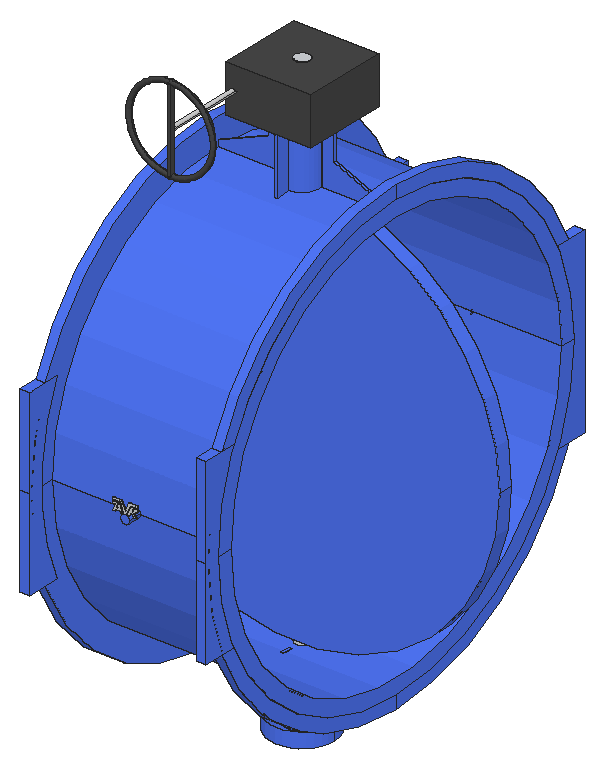
Revit family "756-106-681-DN700-2800", category Pipe Accessories, Revit 2019
Family settings
  Round Connector Dimension = Use Diameter
  Part Type = Valve - Breaks Into
  Work Plane-Based = No
  Always vertical = Yes
  Cut with Voids When Loaded = No
  Shared = No
Parameters (values of type "DN2800_PN10")
  W5 = size_lookup(Search_table, "W5", 0 mm, DN)  # 825 mm
  W4 = size_lookup(Search_table, "W4", 0 mm, DN)  # 2442 mm
  W3 = size_lookup(Search_table, "W3", 0 mm, DN)  # 2441 mm
  W2 = size_lookup(Search_table, "W2", 0 mm, DN)  # 2140 mm
  W1 = size_lookup(Search_table, "W1", 0 mm, DN)  # 1600 mm
  URL_product_pages = "https://www.avkvalves.com/P.aspx?no=7560700104006"
  Rib_width_2 = Gear_box_Mount_Flange_width * 2  # 441 mm
  Rib_width = L - (Flange_Thickness * 2)  # 1130 mm
  Rib_height_2 = H1 - Flange_OD  # 230 mm
  Rib_depth = if(DN > 149 mm, 15 mm, if(DN > 299 mm, 15 mm, if(DN > 399 mm, 20 mm, 20 mm)))  # 15 mm
  Rib_height = Flange_OD / 1.1  # 1445.455 mm
  Rf_Dia = size_lookup(Search_table, "RF_Dia", 0 mm, DN) / 2  # 1500 mm
  RF_Cut_Thickness = 5 mm  # constant formula
  Pin_width = L / 2  # 635 mm
  Pin_dia = HW_rod_Dia * 2  # 60 mm
  Pin_Depth = (DN + size_lookup(Search_table, "Flange_OD", 0 mm, DN)) / 2  # 2990 mm
  Offset = size_lookup(Search_table, "Offset", 0 mm, DN)  # 3 mm
  L2 = size_lookup(Search_table, "L2", 0 mm, DN)  # 739 mm
  L1 = size_lookup(Search_table, "L1", 0 mm, DN)  # 738 mm
  L = size_lookup(Search_table, "L", 0 mm, DN)  # 1270 mm
  ID (Radius) = DN / 2  # 1400 mm
  Hand_wheel_rod = size_lookup(Search_table, "Hand_wheel_rod", 0 mm, DN)  # 72 mm
  HW_rod_Dia = size_lookup(Search_table, "HW_rod_Dia", 0 mm, DN)  # 30 mm
  HW_height = W5 - (HW_rod_Dia / 2)  # 810 mm
  HW_Ref = size_lookup(Search_table, "HW_Ref", 0 mm, DN)  # 240 mm
  HW_Connecting_Rib_ref = (H1 + W2) / 2  # 1980 mm
  HW_Connecting_Rib = D * 2  # 570 mm
  H2 = size_lookup(Search_table, "H2", 0 mm, DN)  # 1921 mm
  H1 = size_lookup(Search_table, "H1", 0 mm, DN)  # 1820 mm
  Gear_box_width = Gear_box_Mount_Flange_width * 1.3  # 286.65 mm
  Flange_Thickness = size_lookup(Search_table, "Flange_Thickness", 0 mm, DN)  # 70 mm
  Flange_OD = size_lookup(Search_table, "Flange_OD", 0 mm, DN) / 2  # 1590 mm
  Disc_width = if(DN > 2499 mm, 100 mm, if(DN > 2299 mm, 90 mm, if(DN > 1999 mm, 80 mm, if(DN > 1599 mm, 70 mm, if(DN > 1399 mm, 60 mm, if(DN > 999 mm, 50 mm, if(DN > 699 mm, 40 mm, 40 mm)))))))  # 100 mm
  Disc_Dia = size_lookup(Search_table, "Disc_Dia", 0 mm, DN)  # 2752.2 mm
  DN2800_PN10 = "756-2800-1-04006"
  DN2800 = yes
  DN2600_PN16 = "756-2600-1-14006"
  DN2600_PN10 = "756-2600-1-04006"
  DN2600 = yes
  DN2400_PN16_DIN = "756-2400-1-14006"
  DN2400_PN10_DIN = "756-2400-1-04006"
  DN2400 = yes
  DN2200_PN16_DIN = "756-2200-1-14006"
  DN2200_PN10_DIN = "756-2200-1-04006"
  DN2200 = yes
  DN2000_PN16 = "756-2000-1-14006"
  DN2000_PN10 = "756-2000-1-04006"
  DN2000 = yes
  DN0700_PN16 = "756-0700-1-14006"
  DN = 2800 mm
  Search_table = "756-106-681-DN700-2800"
  Disk_2 = size_lookup(Search_table, "Disk_2", 0 mm, DN)  # 60 mm
  Disk_1 = size_lookup(Search_table, "Disk_1", 0 mm, DN)  # 60 mm
  Description_ = "AVK_DOUBLE_ECCENTRIC_BUTTERFLY_VALVE"
  DN1600_PN16 = "756-1600-1-14006"
  DN1600_PN10 = "756-1600-1-04006"
  DN1800 = yes
  DN1800_PN16 = "756-1800-1-14006"
  DN1800_PN10 = "756-1800-1-04006"
  DN1600 = yes
  DN1500_PN16 = "756-1500-1-14006"
  DN1500_PN10 = "756-1500-1-04006"
  DN1500 = yes
  DN1400_PN16 = "756-1400-1-14006"
  DN1400_PN10 = "756-1400-1-04006"
  DN1400 = yes
  DN1200_PN16 = "756-1200-1-14006"
  DN1200_PN10 = "756-1200-1-04006"
  DN1200 = yes
  DN1000_PN16 = "756-1000-1-14006"
  DN1000_PN10 = "756-1000-1-04006"
  DN1000 = yes
  DN0900_PN16 = "756-0900-1-14006"
  DN0900_PN10 = "756-0900-1-04006"
  DN900 = yes
  DN0800_PN16 = "756-0800-1-14006"
  DN0800_PN10 = "756-0800-1-04006"
  DN800 = yes
  DN0700_PN10 = "756-0700-1-04006"
  DN700 = yes
  D = size_lookup(Search_table, "D", 0 mm, DN) / 2 - (HW_rod_Dia / 2)  # 285 mm
  CD_rod = if(DN > 2499 mm, 99 mm, if(DN > 2299 mm, 89 mm, if(DN > 1999 mm, 79 mm, if(DN > 1599 mm, 69 mm, if(DN > 1399 mm, 59 mm, if(DN > 999 mm, 49 mm, if(DN > 699 mm, 39 mm, 39 mm)))))))  # 99 mm
  Bottom_width = size_lookup(Search_table, "Bottom_width", 0 mm, DN)  # 1232 mm
  Bottom_Depth = DN * 1.5  # 4200 mm
  Gear_box_Mount_width = size_lookup(Search_table, "Gear_box_Mount_width", 0 mm, DN) * 2  # 134 mm
  Gear_box_Mount_Flange_width = size_lookup(Search_table, "Gear_box_Mount_Flange_width", 0 mm, DN) / 2  # 220.5 mm
  Gear_box_Mount_Flange_thickness = size_lookup(Search_table, "Gear_box_Mount_Flange_thickness", 0 mm, DN)  # 50 mm
  Body_wallthickness = 10 mm  # constant formula
Types (28, lengths in mm): name | W5 | W4 | W3 | W2 | W1 | Rib_width_2 | Rib_width | Rib_height_2 | Rib_height | Rf_Dia | Pin_width | Pin_Depth | L2 | L1 | L | ID (Radius) | Hand_wheel_rod | HW_height | HW_Ref | HW_Connecting_Rib_ref | HW_Connecting_Rib | H2 | H1 | Gear_box_width | Flange_Thickness | Flange_OD | Disc_width | Disc_Dia | DN | Disk_2 | Disk_1 | D | CD_rod | Bottom_width | Bottom_Depth | Gear_box_Mount_width | Gear_box_Mount_Flange_width | Gear_box_Mount_Flange_thickness
  (no name) | 825 | 2442 | 2441 | 2140 | 1600 | 441 | 1130 | 230 | 1445.455 | 1500 | 635 | 2990 | 739 | 738 | 1270 | 1400 | 72 | 810 | 240 | 1980 | 570 | 1921 | 1820 | 286.65 | 70 | 1590 | 100 | 2752.2 | 2800 | 60 | 60 | 285 | 99 | 1232 | 4200 | 134 | 220.5 | 50
  DN0700_PN10 | 396 | 543 | 533 | 641 | 448 | 204 | 350 | 49.5 | 406.818 | 397 | 215 | 797.5 | 133 | 127 | 430 | 350 | 33 | 381 | 110 | 569 | 570 | 550 | 497 | 132.6 | 40 | 447.5 | 40 | 689 | 700 | 40 | 40 | 285 | 39 | 395 | 1050 | 62 | 102 | 30
  DN0700_PN16 | 517 | 543 | 533 | 641 | 455 | 214 | 350 | 77 | 413.636 | 397 | 215 | 805.05 | 133 | 127 | 430 | 350.05 | 34.5 | 502 | 110 | 586.5 | 670 | 550 | 532 | 139.1 | 40 | 455 | 40 | 689 | 700.1 | 40 | 40 | 335 | 39 | 427 | 1050.15 | 66 | 107 | 30
  DN0800_PN10 | 396 | 636 | 627 | 711 | 508 | 223 | 390 | 95.5 | 461.364 | 450 | 235 | 907.5 | 162 | 156 | 470 | 400 | 36 | 381 | 125 | 657 | 570 | 620 | 603 | 144.95 | 40 | 507.5 | 40 | 787.5 | 800 | 40 | 40 | 285 | 39 | 460 | 1200 | 68 | 111.5 | 40
  DN0800_PN16 | 517 | 636 | 627 | 711 | 513 | 232 | 390 | 90.5 | 465.909 | 450 | 235 | 912.55 | 162 | 156 | 470 | 400.05 | 37.5 | 502 | 125 | 657 | 670 | 620 | 603 | 150.8 | 40 | 512.5 | 40 | 787.5 | 800.1 | 40 | 40 | 335 | 39 | 492 | 1200.15 | 72 | 116 | 40
  DN0900_PN10 | 517 | 730 | 722 | 791 | 558 | 241 | 430 | 116.5 | 506.818 | 500 | 255 | 1007.5 | 192 | 186 | 510 | 450 | 39 | 502 | 128 | 732.5 | 670 | 690 | 674 | 156.65 | 40 | 557.5 | 40 | 887.5 | 900 | 40 | 40 | 335 | 39 | 524 | 1350 | 74 | 120.5 | 40
  DN0900_PN16 | 570 | 730 | 722 | 791 | 563 | 250 | 430 | 111.5 | 511.364 | 500 | 255 | 1012.55 | 192 | 186 | 510 | 450.05 | 40.5 | 555 | 128 | 732.5 | 670 | 690 | 674 | 162.5 | 40 | 562.5 | 40 | 887.5 | 900.1 | 40 | 40 | 335 | 39 | 556 | 1350.15 | 76 | 125 | 40
  DN1000_PN10 | 530 | 824 | 816 | 871 | 615 | 259 | 470 | 130 | 559.091 | 556 | 275 | 1115 | 222 | 216 | 550 | 500 | 42 | 515 | 130 | 808 | 670 | 770 | 745 | 168.35 | 40 | 615 | 50 | 987 | 1000 | 40 | 40 | 335 | 49 | 588 | 1500 | 80 | 129.5 | 40
  DN1000_PN16 | 570 | 824 | 816 | 871 | 628 | 268 | 470 | 117.5 | 570.455 | 556 | 275 | 1127.55 | 222 | 216 | 550 | 500.05 | 43.5 | 555 | 130 | 808 | 570 | 770 | 745 | 174.2 | 40 | 627.5 | 50 | 987 | 1000.1 | 50 | 50 | 285 | 49 | 620 | 1500.15 | 82 | 134 | 40
  DN1200_PN10 | 570 | 993 | 986 | 956 | 728 | 277 | 550 | 112.5 | 661.364 | 666 | 315 | 1327.5 | 275 | 269 | 630 | 600 | 45 | 555 | 128 | 898 | 570 | 855 | 840 | 180.05 | 40 | 727.5 | 50 | 1173.5 | 1200 | 50 | 50 | 285 | 49 | 653 | 1800 | 84 | 138.5 | 40
  DN1200_PN16 | 590.5 | 993 | 986 | 956 | 743 | 286 | 530 | 97.5 | 675 | 666 | 315 | 1342.55 | 275 | 269 | 630 | 600.05 | 46.5 | 575.5 | 128 | 898 | 670 | 855 | 840 | 185.9 | 50 | 742.5 | 50 | 1173.5 | 1200.1 | 50 | 50 | 335 | 49 | 685 | 1800.15 | 88 | 143 | 40
  DN1400_PN10 | 570 | 1189 | 1182 | 1071 | 838 | 295 | 610 | 82.5 | 761.364 | 763 | 355 | 1537.5 | 339 | 333 | 710 | 700 | 48 | 555 | 150 | 995.5 | 670 | 970 | 920 | 191.75 | 50 | 837.5 | 60 | 1381 | 1400 | 50 | 50 | 335 | 59 | 717 | 2100 | 90 | 147.5 | 40
  DN1400_PN16 | 590.5 | 1189 | 1182 | 1119 | 843 | 304 | 610 | 77.5 | 765.909 | 763 | 355 | 1542.55 | 339 | 333 | 710 | 700.05 | 49.5 | 575.5 | 150 | 1019.5 | 670 | 970 | 920 | 197.6 | 50 | 842.5 | 60 | 1381 | 1400.1 | 50 | 50 | 335 | 59 | 749 | 2100.15 | 94 | 152 | 40
  DN1500_PN10 | 570 | 1281 | 1274 | 1171 | 893 | 313 | 650 | 107.5 | 811.364 | 818 | 375 | 1642.5 | 369 | 363 | 750 | 750 | 51 | 555 | 175 | 1085.5 | 670 | 1070 | 1000 | 203.45 | 50 | 892.5 | 60 | 1481 | 1500 | 50 | 50 | 335 | 59 | 781 | 2250 | 96 | 156.5 | 40
  DN1500_PN16 | 590.5 | 1281 | 1274 | 1219 | 913 | 323 | 650 | 90 | 827.273 | 818 | 375 | 1660.05 | 369 | 363 | 750 | 750.05 | 52.5 | 575.5 | 175 | 1109.5 | 670 | 1070 | 1000 | 209.95 | 50 | 910 | 60 | 1481 | 1500.1 | 50 | 50 | 335 | 59 | 813 | 2250.15 | 98 | 161.5 | 50
  DN1600_PN16 | 630.5 | 1366 | 1359 | 1294 | 965 | 341 | 670 | 125 | 877.273 | 875 | 395 | 1765.05 | 396 | 390 | 790 | 800.05 | 55.5 | 615.5 | 181 | 1192 | 670 | 1145 | 1090 | 221.65 | 60 | 965 | 70 | 1575 | 1600.1 | 50 | 50 | 335 | 69 | 878 | 2400.15 | 104 | 170.5 | 50
  DN1600_PN10 | 590.5 | 1366 | 1359 | 1294 | 958 | 332 | 690 | 132.5 | 870.455 | 875 | 395 | 1757.5 | 396 | 390 | 790 | 800 | 54 | 575.5 | 181 | 1192 | 670 | 1145 | 1090 | 215.8 | 50 | 957.5 | 70 | 1575 | 1600 | 50 | 50 | 335 | 69 | 846 | 2400 | 102 | 166 | 50
  DN1800_PN16 | 721 | 1547 | 1540 | 1398 | 1065 | 359 | 750 | 115 | 968.182 | 973 | 435 | 1965.05 | 454 | 448 | 870 | 900.05 | 58.5 | 706 | 170 | 1289 | 670 | 1220 | 1180 | 233.35 | 60 | 1065 | 70 | 1771 | 1800.1 | 50 | 50 | 335 | 69 | 942 | 2700.15 | 110 | 179.5 | 50
  DN1800_PN10 | 630.5 | 1547 | 1540 | 1369 | 1058 | 350 | 750 | 122.5 | 961.364 | 973 | 435 | 1957.5 | 454 | 448 | 870 | 900 | 57 | 615.5 | 170 | 1274.5 | 670 | 1220 | 1180 | 227.5 | 60 | 1057.5 | 70 | 1771 | 1800 | 50 | 50 | 335 | 69 | 910 | 2700 | 106 | 175 | 50
  DN2000_PN10 | 686 | 1760 | 1753 | 1547 | 1180 | 368 | 830 | 167.5 | 1056.818 | 1114 | 475 | 2162.5 | 527 | 521 | 950 | 1000 | 60 | 671 | 191 | 1438.5 | 670 | 1382 | 1330 | 239.2 | 60 | 1162.5 | 80 | 1997 | 2000 | 50 | 50 | 335 | 79 | 974 | 3000 | 112 | 184 | 50
  DN2000_PN16 | 747 | 1760 | 1753 | 1560 | 1180 | 377 | 830 | 157.5 | 1065.909 | 1114 | 475 | 2172.55 | 527 | 521 | 950 | 1000.05 | 61.5 | 732 | 191 | 1445 | 670 | 1382 | 1330 | 245.05 | 60 | 1172.5 | 80 | 1997 | 2000.1 | 50 | 50 | 335 | 79 | 1006 | 3000.15 | 116 | 188.5 | 50
  DN2200_PN16 | 764 | 1932 | 1926 | 1641 | 1278 | 395 | 910 | 132.5 | 1161.364 | 1180 | 515 | 2377.55 | 582 | 576 | 1030 | 1100.05 | 64.5 | 749 | 170 | 1525.5 | 670 | 1482 | 1410 | 256.75 | 60 | 1277.5 | 80 | 2187 | 2200.1 | 60 | 60 | 335 | 79 | 1000 | 3300.15 | 120 | 197.5 | 50
  DN2200_PN10 | 721 | 1932 | 1926 | 1650 | 1275 | 386 | 910 | 135 | 1159.091 | 1180 | 515 | 2375 | 582 | 576 | 1030 | 1100 | 63 | 706 | 170 | 1530 | 670 | 1472 | 1410 | 250.9 | 60 | 1275 | 80 | 2187 | 2200 | 50 | 50 | 335 | 79 | 1000 | 3300 | 118 | 193 | 50
  DN2600_PN16 | 780 | 2295 | 2289 | 2050 | 1535 | 432 | 1050 | 216 | 1385.455 | 1415 | 595 | 2824.05 | 699 | 693 | 1190 | 1300.05 | 70.5 | 765 | 214 | 1895 | 370 | 1855 | 1740 | 280.8 | 70 | 1524 | 100 | 2582.4 | 2600.1 | 60 | 60 | 185 | 99 | 1199 | 3900.15 | 132 | 216 | 50
  DN2600_PN10 | 780 | 2295 | 2289 | 2010 | 1490 | 422 | 1050 | 260 | 1345.455 | 1415 | 595 | 2780 | 699 | 693 | 1190 | 1300 | 69 | 765 | 214 | 1875 | 370 | 1820 | 1740 | 274.3 | 70 | 1480 | 100 | 2582.4 | 2600 | 60 | 60 | 185 | 99 | 1167 | 3900 | 128 | 211 | 50
  DN2400_PN10 | 752 | 2019 | 2103 | 1759 | 1380 | 404 | 970 | 190 | 1254.545 | 1272.5 | 555 | 2580 | 639 | 633 | 1110 | 1200 | 66 | 737 | 168 | 1664.5 | 670 | 1613 | 1570 | 262.6 | 70 | 1380 | 90 | 2381.5 | 2400 | 60 | 60 | 335 | 89 | 1103 | 3600 | 124 | 202 | 50
  DN2400_PN16 | 764 | 2132 | 2126 | 1753 | 1382 | 413 | 970 | 187.5 | 1256.818 | 1272.5 | 555 | 2582.55 | 682 | 676 | 1110 | 1200.05 | 67.5 | 749 | 168 | 1661.5 | 670 | 1584 | 1570 | 268.45 | 70 | 1382.5 | 90 | 2381.5 | 2400.1 | 60 | 60 | 335 | 89 | 1135 | 3600.15 | 126 | 206.5 | 50
  DN2800_PN10 | 825 | 2442 | 2441 | 2140 | 1600 | 441 | 1130 | 230 | 1445.455 | 1500 | 635 | 2990 | 739 | 738 | 1270 | 1400 | 72 | 810 | 240 | 1980 | 570 | 1921 | 1820 | 286.65 | 70 | 1590 | 100 | 2752.2 | 2800 | 60 | 60 | 285 | 99 | 1232 | 4200 | 134 | 220.5 | 50
Reference planes
  plane 1 "Center (Front/Back)": y = 0
  plane 2: z = 0
  plane 3 "Center (Left/Right)": x = 0
  plane 4: y = 1400
  plane 5: y = 1410
  plane 6: x = 635
  plane 7: x = 565
  plane 8: x = -565
  plane 9: x = -635
  plane 10: z = 1820
  plane 11: x = 220.5
  plane 12: z = 1770
  plane 13: z = -1820
  plane 14: x = 220.5
  plane 15: z = -1770
  plane 16: x = 134
  plane 17: x = 220.5
  plane 18: x = -220.5
  plane 19: z = 1820
  plane 20: z = 1590
  plane 21: z = 1400
  plane 22: x = 565
  plane 23: x = -565
  plane 24: z = 1445.455
  plane 25: y = 7.5
  plane 26: y = -7.5
  plane 27: x = 220.5
  plane 28: x = -220.5
  plane 29: z = -1820
  plane 30: z = -1590
  plane 31: z = -1400
  plane 32: x = 565
  plane 33: x = -565
  plane 34: z = -1445.455
  plane 35: y = 220.5
  plane 36: y = -220.5
  plane 37: x = -7.5
  plane 38: x = 7.5
  plane 39: y = 286.65
  plane 40: y = -286.65
  plane 41: y = -825
  plane 42: y = -795
  plane 43: z = -1921
  plane 44: z = 2140
  plane 45: x = 134
  plane 46: y = 1400
  plane 47: y = -1400
  plane 48: y = 1495
  plane 49: y = -1495
  plane 50: x = -240
  plane 51: z = 1980
  plane 52: x = -196.6
  plane 53: x = -403
  plane 54: y = 286.65
  plane 55: y = -286.65
  plane 56: x = -240
  plane 57: y = 50
  plane 58: y = -50
  plane 59: z = 616
  plane 60: z = -616
  plane 61: y = -1600
  plane 62: z = 616
  plane 63: z = -616
  plane 64: y = 1600
  plane 65: x = -175
  plane 66: z = 1147.49
Forms (mm)
  Revolve 1, solid, material "Plastic"
    sketch origin (0, 0, 0) x (1, 0, 0) y (0, 1, 0)
      loop
        line (-565, 1410) -> (-565, 1590) -> (-635, 1590) -> (-635, 1400) -> (635, 1400) -> (635, 1590) -> (565, 1590) -> (565, 1410) -> (-565, 1410)
      axis (-635, 0) -> (635, 0)
    angle from 0 to 360
  Revolve 2, solid, material "Plastic"
    sketch origin (0, 0, 0) x (1, 0, 0) y (0, 0, 1)
      loop
        line (134, 1770) -> (220.5, 1770) -> (220.5, 1820) -> (0, 1820) -> (0, 1400) -> (134, 1400) -> (134, 1770)
      axis (0, 1820) -> (0, 1400)
    angle from 0 to 360
  Revolve 3, solid, material "Plastic"
    sketch origin (0, 0, 0) x (1, 0, 0) y (0, 0, -1)
      loop
        line (134, 1400) -> (134, 1770) -> (220.5, 1770) -> (220.5, 1820) -> (0, 1820) -> (0, 1400) -> (134, 1400)
      axis (0, 1820) -> (0, 1400)
    angle from 0 to 360
  Revolve 4, solid, material "Plastic"
    sketch origin (0, 0, 0) x (1, 0, 0) y (0, 0, 1)
      loop
        line (0, -1820) -> (0, -1921) -> (220.5, -1921) -> (220.5, -1820) -> (0, -1820)
      axis (0, -1921) -> (0, -1820)
    angle from 0 to 360
  Extrusion 5, solid, material "Plastic"
    sketch origin (0, 0, 0) x (1, 0, 0) y (0, 0, 1)
      loop
        line (220.5, 1820) -> (-220.5, 1820) -> (-220.5, 1590) -> (-565, 1445.455) -> (-565, 1400) -> (565, 1400) -> (565, 1445.455) -> (220.5, 1590) -> (220.5, 1820)
    from -7.5 to 7.5
  Extrusion 6, solid, material "Plastic"
    sketch origin (0, 0, 0) x (1, 0, 0) y (0, 0, 1)
      loop
        line (220.5, -1820) -> (220.5, -1590) -> (565, -1445.455) -> (565, -1400) -> (-565, -1400) -> (-565, -1445.455) -> (-220.5, -1590) -> (-220.5, -1820) -> (220.5, -1820)
    from -7.5 to 7.5
  Extrusion 7, solid, material "Plastic"
    sketch origin (0, 0, 0) x (0, 1, 0) y (0, 0, 1)
      loop
        line (220.5, 1770) -> (-220.5, 1770) -> (-220.5, -1770) -> (220.5, -1770) -> (220.5, 1770)
    from -7.5 to 7.5
  Extrusion 8, void
    sketch origin (0, 0, 0) x (0, 1, 0) y (0, 0, 1)
      loop
        circle (0, 0) r 1400
    from -635 to 635
  Extrusion 9, solid, material "Plastic"
    sketch origin (0, 0, 0) x (1, 0, 0) y (0, 0, 1)
      loop
        circle (0, 0) r 30
    from -1495 to -1400
  Extrusion 10, solid, material "Plastic"
    sketch origin (0, 0, 0) x (1, 0, 0) y (0, 0, 1)
      loop
        circle (0, 0) r 30
    from 1495 to 1400
  Revolve 11, void
    sketch origin (0, 0, 0) x (1, 0, 0) y (0, 0, 1)
      loop
        line (635, 1921) -> (630, 1921) -> (630, 1500) -> (635, 1500) -> (635, 1921)
      loop
        line (-635, 1921) -> (-635, 1500) -> (-630, 1500) -> (-630, 1921) -> (-635, 1921)
      axis (-635, 0) -> (635, 0)
    angle from 0 to 360
  Extrusion 12, solid, material "Stainless Steel AISI 304"
    sketch origin (0, 0, 0) x (1, 0, 0) y (0, 0, 1)
      loop
        line (-286.65, 2140) -> (-286.65, 1820) -> (286.65, 1820) -> (286.65, 2140) -> (-286.65, 2140)
    from -286.65 to 286.65
  Extrusion 13, solid, material "Stainless Steel AISI 304(1)"
    sketch origin (0, 0, 0) x (1, 0, 0) y (0, 0, 1)
      loop
        circle (-240, 1980) r 15
    from 0 to 795
  Revolve 14, solid, material "Stainless Steel AISI 304"
    sketch origin (-240, -1524, 1534) x (0, 0, 1) y (0, -1, 0)
      loop
        circle (731, -714) r 15
      axis (446, -714) -> (446, -713)
    angle from 0 to 360
  Extrusion 15, solid, material "Stainless Steel AISI 304"
    sketch origin (0, 0, 0) x (1, 0, 0) y (0, 0, 1)
      loop
        line (-247.5, 2265) -> (-247.5, 1695) -> (-232.5, 1695) -> (-232.5, 2265) -> (-247.5, 2265)
    from 795 to 825
  Extrusion 16, solid, material "Plastic"
    sketch origin (0, 0, 0) x (1, 0, 0) y (0, 0, 1)
      loop
        circle (-3, 0) r 1376.1
    from -50 to 50
  Extrusion 17, solid
    sketch origin (0, 0, 0) x (1, 0, 0) y (0, 1, 0)
      loop
        circle (0, 0) r 49.5
    from -1921 to 2140
  Extrusion 18, solid, material "Plastic"
    sketch origin (-240, -1524, 1534) x (0, 0, 1) y (0, -1, 0)
      loop
        line (-918, -156.322) -> (-918, 76) -> (-1534, 76) -> (-2150, 76) -> (-2150, -156.322)
        arc (-2150, -156.322) -> (-1534, -24) -> (-918, -156.322) r 1500
      loop
        arc (-918, -2891.678) -> (-1534, -3024) -> (-2150, -2891.678) r 1500
        line (-2150, -2891.678) -> (-2150, -3124) -> (-918, -3124) -> (-918, -2891.678)
    from 805 to 870
  Extrusion 19, solid, material "Plastic"
    sketch origin (-240, -1524, 1534) x (0, 0, 1) y (0, -1, 0)
      loop
        line (-918, -3124) -> (-918, -2891.678)
        arc (-918, -2891.678) -> (-1534, -3024) -> (-2150, -2891.678) r 1500
        line (-2150, -2891.678) -> (-2150, -3124) -> (-918, -3124)
      loop
        line (-1534, 76) -> (-2150, 76) -> (-2150, -156.322)
        arc (-2150, -156.322) -> (-1534, -24) -> (-918, -156.322) r 1500
        line (-918, -156.322) -> (-918, 76) -> (-1534, 76)
    from -390 to -325
Cuts and joins
  Extrusion 8, Revolve 11 cuts Revolve 1
  Extrusion 8 cuts Extrusion 7
Dimensions and locks
  equal spacing: plane 9, plane 3 "Center (Left/Right)", plane 6
  "L": plane 9 to plane 6
  "ID (Radius)": plane 4 to plane 1 "Center (Front/Back)"
  "Body_wallthickness": plane 5 to plane 4
  "Flange_Thickness": plane 7 to plane 6
  "Flange_Thickness": plane 9 to plane 8
  "Flange_OD": plane 1 "Center (Front/Back)" to Revolve 1 sketch curve
  "H1": plane 10 to level
  "Gear_box_Mount_Flange_thickness": plane 10 to plane 12
  "ID (Radius)": Revolve 2 sketch curve to level
  "Gear_box_Mount_Flange_width": plane 3 "Center (Left/Right)" to plane 11
  "Gear_box_Mount_Flange_thickness": plane 13 to plane 15
  "H1": level to plane 13
  "ID (Radius)": level to Revolve 3 sketch curve
  "Gear_box_Mount_Flange_width": Revolve 4 sketch curve to Revolve 4 sketch curve
  "ID (Radius)": plane 21 to level
  "H1": plane 19 to level
  "Gear_box_Mount_Flange_width": plane 3 "Center (Left/Right)" to plane 17
  "Gear_box_Mount_Flange_width": plane 18 to plane 3 "Center (Left/Right)"
  "Rib_height": plane 24 to level
  equal spacing: plane 25, plane 1 "Center (Front/Back)", plane 26
  "Rib_depth": plane 25 to plane 26
  equal spacing: plane 22, plane 3 "Center (Left/Right)", plane 23
  "Rib_width": plane 22 to plane 23
  "Rib_height_2": plane 19 to plane 20
  "Rib_height_2": plane 29 to plane 30
  "Rib_height": level to plane 34
  "Gear_box_Mount_Flange_width": plane 28 to plane 3 "Center (Left/Right)"
  "Gear_box_Mount_Flange_width": plane 3 "Center (Left/Right)" to plane 27
  "ID (Radius)": level to plane 31
  "H1": level to plane 29
  equal spacing: plane 32, plane 3 "Center (Left/Right)", plane 33
  "Rib_width": plane 32 to plane 33
  equal spacing: plane 35, plane 1 "Center (Front/Back)", plane 36
  equal spacing: plane 37, plane 3 "Center (Left/Right)", plane 38
  "Rib_depth": plane 37 to plane 38
  equal spacing: plane 39, plane 1 "Center (Front/Back)", plane 40
  "Rib_width_2": plane 35 to plane 36
  "Gear_box_width": plane 1 "Center (Front/Back)" to plane 40
  "W5": plane 1 "Center (Front/Back)" to plane 41
  "H2": level to Revolve 4 sketch curve
  "HW_rod_Dia": plane 42 to plane 41
  "H2": level to plane 43
  "W2": plane 44 to level
  "Gear_box_Mount_width": plane 45 to plane 3 "Center (Left/Right)"
  "Gear_box_Mount_width": plane 3 "Center (Left/Right)" to plane 16
  "Gear_box_Mount_Flange_width": plane 3 "Center (Left/Right)" to plane 14
  "H2": Extrusion 9 sketch curve to Revolve 4
  equal spacing: plane 46, plane 1 "Center (Front/Back)", plane 47
  "DN": plane 46 to plane 47
  equal spacing: plane 48, plane 1 "Center (Front/Back)", plane 49
  "Pin_Depth": plane 48 to plane 49
  "Rf_Dia": Revolve 11 sketch curve to level
  "RF_Cut_Thickness": Revolve 11 sketch curve to Revolve 11 sketch curve  (x2)
  "H2": Revolve 11 sketch curve to level
  "HW_Ref": plane 3 "Center (Left/Right)" to plane 50
  "HW_Connecting_Rib_ref": plane 51 to level
  plane 3 "Center (Left/Right)" to plane 53 = 403 mm
  cut or joined group of Revolve 1, Extrusion 8, Revolve 11 to cut or joined group of Revolve 1, Extrusion 8, Revolve 11 = 1270 mm
  equal spacing: Extrusion 12 sketch curve, plane 3 "Center (Left/Right)", Extrusion 12 sketch curve
  "Gear_box_width": Extrusion 12 sketch curve to plane 3 "Center (Left/Right)"
  equal spacing: plane 54, plane 1 "Center (Front/Back)", plane 55
  "Gear_box_width": plane 1 "Center (Front/Back)" to plane 55
  "HW_Ref": plane 3 "Center (Left/Right)" to plane 56
  "HW_Ref": plane 3 "Center (Left/Right)" to Extrusion 13 sketch curve
  "HW_height": plane 1 "Center (Front/Back)" to Revolve 14 sketch curve
  plane 51 to Extrusion 12 = 160 mm
  "D": Revolve 14 sketch curve to Revolve 14 sketch curve
  equal spacing: Extrusion 15 sketch curve, plane 50, Extrusion 15 sketch curve
  "Rib_depth": Extrusion 15 sketch curve to Extrusion 15 sketch curve
  "HW_Connecting_Rib_ref": Extrusion 13 sketch curve to level
  equal spacing: Extrusion 15 sketch curve, plane 51, Extrusion 15 sketch curve
  "HW_Connecting_Rib": Extrusion 15 sketch curve to Extrusion 15 sketch curve
  "HW_Connecting_Rib_ref": Revolve 14 sketch curve to level
  "Offset": plane 3 "Center (Left/Right)" to Extrusion 16 sketch curve
  equal spacing: plane 57, plane 1 "Center (Front/Back)", plane 58
  "Disc_width": plane 57 to plane 58
  equal spacing: plane 47, Extrusion 17 sketch curve, plane 46
  equal spacing: cut or joined group of Revolve 1, Extrusion 8, Revolve 11, Extrusion 17 sketch curve, cut or joined group of Revolve 1, Extrusion 8, Revolve 11
  equal spacing: plane 59, level, plane 60
  "Bottom_width": plane 59 to plane 60
  "W1": plane 1 "Center (Front/Back)" to plane 61
  equal spacing: plane 63, level, plane 62
  "Bottom_width": plane 63 to plane 62
  "W1": plane 64 to plane 1 "Center (Front/Back)"
  Extrusion 16 to cut or joined group of Revolve 1, Extrusion 8, Revolve 11 = 744.1 mm
  cut or joined group of Revolve 1, Extrusion 8, Revolve 11 to Extrusion 16 = 738.1 mm
  "W1": plane 1 "Center (Front/Back)" to Extrusion 19
  "Pin_dia": diameter of Extrusion 9 sketch curve
  "HW_rod_Dia": diameter of Revolve 14 sketch curve
  "HW_rod_Dia": diameter of Extrusion 13 sketch curve
  "Disc_Dia": diameter of Extrusion 16 sketch curve
  "CD_rod": diameter of Extrusion 17 sketch curve
  aligned and locked: level to plane 2
  aligned and locked: Revolve 1 sketch curve to plane 4
  aligned and locked: plane 5 to Revolve 1 sketch curve
  aligned and locked: Revolve 1 sketch curve to plane 6
  aligned and locked: Revolve 1 sketch curve to plane 7
  aligned and locked: Revolve 1 sketch curve to plane 8
  aligned and locked: Revolve 1 sketch curve to plane 9
  aligned and locked: Revolve 1 sketch curve to Revolve 1 sketch curve
  aligned and locked: plane 1 "Center (Front/Back)" to Revolve 1 sketch curve
  aligned and locked: Revolve 2 sketch curve to Revolve 2 sketch curve
  aligned and locked: Revolve 2 sketch curve to plane 10
  aligned and locked: Revolve 2 sketch curve to plane 11  (x2)
  aligned and locked: plane 12 to Revolve 2 sketch curve
  aligned and locked: Revolve 2 sketch curve to plane 3 "Center (Left/Right)"
  aligned and locked: Revolve 3 sketch curve to plane 14
  aligned and locked: plane 13 to Revolve 3 sketch curve
  aligned and locked: Revolve 4 sketch curve to Revolve 3
  aligned and locked: Revolve 4 sketch curve to plane 3 "Center (Left/Right)"  (x2)
  aligned and locked: Extrusion 5 sketch curve to plane 17  (x2)
  aligned and locked: Extrusion 5 sketch curve to plane 19
  aligned and locked: Extrusion 5 sketch curve to plane 18  (x2)
  aligned and locked: plane 19 to Extrusion 5 sketch curve
  aligned and locked: Extrusion 5 sketch curve to plane 20
  aligned and locked: plane 20 to Extrusion 5 sketch curve
  aligned and locked: Extrusion 5 sketch curve to plane 24
  aligned and locked: plane 22 to Extrusion 5 sketch curve  (x2)
  aligned and locked: plane 24 to Extrusion 5 sketch curve
  aligned and locked: plane 23 to Extrusion 5 sketch curve  (x2)
  aligned and locked: plane 21 to Extrusion 5 sketch curve
  aligned and locked: Extrusion 5 to plane 25
  aligned and locked: plane 26 to Extrusion 5
  aligned and locked: Extrusion 6 sketch curve to plane 27  (x2)
  aligned and locked: plane 32 to Extrusion 6 sketch curve  (x2)
  aligned and locked: plane 33 to Extrusion 6 sketch curve  (x2)
  aligned and locked: plane 31 to Extrusion 6 sketch curve  (x2)
  aligned and locked: Extrusion 6 sketch curve to plane 34
  aligned and locked: plane 28 to Extrusion 6 sketch curve  (x2)
  aligned and locked: Extrusion 6 sketch curve to plane 30
  aligned and locked: plane 30 to Extrusion 6 sketch curve
  aligned and locked: Extrusion 6 sketch curve to plane 29
  aligned and locked: plane 29 to Extrusion 6 sketch curve
  aligned and locked: plane 34 to Extrusion 6 sketch curve
  aligned and locked: plane 35 to Extrusion 7 sketch curve
  aligned and locked: Extrusion 7 sketch curve to plane 36
  aligned and locked: Extrusion 7 sketch curve to Revolve 2
  aligned and locked: Extrusion 7 to plane 38
  aligned and locked: Extrusion 7 to plane 37
  aligned and locked: Extrusion 8 sketch curve to Revolve 1  (x2)
  aligned and locked: Revolve 2 sketch curve to plane 45  (x2)
  aligned and locked: plane 16 to Revolve 3 sketch curve
  aligned and locked: plane 15 to Revolve 3 sketch curve
  aligned and locked: Revolve 3 sketch curve to plane 15
  aligned and locked: plane 3 "Center (Left/Right)" to Revolve 3 sketch curve
  aligned and locked: Revolve 3 sketch curve to plane 3 "Center (Left/Right)"
  aligned and locked: Revolve 3 sketch curve to Revolve 3 sketch curve
  aligned and locked: plane 14 to Revolve 3 sketch curve
  aligned and locked: Extrusion 9 to plane 46
  aligned and locked: Extrusion 10 sketch curve to Extrusion 9  (x2)
  aligned and locked: plane 47 to Extrusion 10
  aligned and locked: Extrusion 9 to plane 48
  aligned and locked: plane 49 to Extrusion 10
  aligned and locked: Revolve 11 sketch curve to cut or joined group of Revolve 1, Extrusion 8, Revolve 11  (x2)
  aligned and locked: Revolve 11 sketch curve to Revolve 11 sketch curve  (x2)
  aligned and locked: Revolve 11 sketch curve to plane 2
  aligned and locked: Extrusion 8 to Revolve 1  (x2)
  aligned and locked: Extrusion 7 sketch curve to Revolve 3
  aligned and locked: Extrusion 12 sketch curve to plane 44
  aligned and locked: Extrusion 12 sketch curve to Revolve 2
  aligned and locked: Extrusion 12 to plane 54
  aligned and locked: Extrusion 12 to plane 55
  aligned and locked: Extrusion 13 to plane 1 "Center (Front/Back)"
  aligned and locked: plane 41 to Extrusion 15
  aligned and locked: Extrusion 15 to plane 42
  aligned and locked: Extrusion 16 to plane 57
  aligned and locked: Extrusion 16 to plane 58
  aligned and locked: plane 44 to Extrusion 17
  aligned and locked: Extrusion 17 to Revolve 4
  aligned and locked: Extrusion 13 to Extrusion 15
  aligned and locked: plane 3 "Center (Left/Right)" to nested 1
  aligned and locked: Extrusion 5 to Extrusion 18
  aligned and locked: Extrusion 18 sketch curve to plane 59  (x2)
  aligned and locked: plane 61 to Extrusion 18 sketch curve
  aligned and locked: Extrusion 18 sketch curve to plane 60  (x2)
  aligned and locked: Extrusion 18 sketch curve to plane 61
  aligned and locked: plane 64 to Extrusion 18 sketch curve
  aligned and locked: Extrusion 18 sketch curve to plane 62  (x2)
  aligned and locked: Extrusion 18 sketch curve to plane 63  (x2)
  aligned and locked: Extrusion 18 sketch curve to cut or joined group of Revolve 1, Extrusion 8, Revolve 11  (x2)
  aligned and locked: Extrusion 18 to cut or joined group of Revolve 1, Extrusion 8, Revolve 11
  aligned and locked: Extrusion 19 sketch curve to Extrusion 18  (x9)
  aligned and locked: cut or joined group of Revolve 1, Extrusion 8, Revolve 11 to Extrusion 19
  aligned and locked: Extrusion 19 to cut or joined group of Revolve 1, Extrusion 8, Revolve 11
Automatic sketch dimensions
  plane 50 to Revolve 1 sketch curve = 25 mm
  Revolve 1 sketch curve to plane 38 = 19.183 mm
  Revolve 2 sketch curve to Revolve 2 sketch curve = 35.25 mm
  Revolve 3 sketch curve to Revolve 3 sketch curve = 35.25 mm
  Revolve 4 sketch curve to Revolve 4 sketch curve = 60 mm
  Revolve 4 sketch curve to Revolve 4 sketch curve = 15 mm
  Extrusion 9 sketch curve to plane 3 "Center (Left/Right)" = 0 mm
  plane 49 to Revolve 14 sketch curve = 33.473 mm
  Revolve 14 sketch curve to Revolve 14 sketch curve = 60 mm
  Extrusion 16 sketch curve to level = 0 mm
  Extrusion 18 sketch curve to level = 0 mm
  Extrusion 19 sketch curve to level = 0 mm
  Revolve 3 sketch curve to Revolve 3 sketch curve = 32.25 mm
  Revolve 2 sketch curve to Revolve 2 sketch curve = 32.25 mm
  Revolve 11 sketch curve to plane 52 = 0.4 mm
  Revolve 11 sketch curve to plane 38 = 42.5 mm
Nested families
  nested 1: "LOGO 600" at (0, -1495, 30) x (1, 0, 0) z (0, -1, 0), type "LOGO 600"
Connectors
  piping at (635, 0, 0), diameter 2800, driven by "DN"
    settings: on Extrusion 8, index 1, connector inside diameter 609.6 mm, connector length 0 mm, flow factor 0, pipe flow 0.0 L/s, pressure drop 0.0 Pa, fitting loss kfactor 0, connector angle 0.00°, fixture units 0, engagement length 0 mm, angle of deflection 0.00°, flow configuration 0, flow direction 0, fitting loss method 0, system type 7, joint type 0, gender type 0, connector reference index -1, connector utility 0, adjustable connector no, is connector primary yes, connector description ""
  piping at (-635, 0, 0), diameter 2800, driven by "DN"
    settings: on Extrusion 8, index 2, connector inside diameter 609.6 mm, connector length 0 mm, flow factor 0, pipe flow 0.0 L/s, pressure drop 0.0 Pa, fitting loss kfactor 0, connector angle 0.00°, fixture units 0, engagement length 0 mm, angle of deflection 0.00°, flow configuration 0, flow direction 0, fitting loss method 0, system type 7, joint type 0, gender type 0, connector reference index -1, connector utility 0, adjustable connector no, is connector primary no, connector description ""
Definition of nested family "LOGO 600"
  Parameters (values of type "LOGO 600")
    Default Elevation = 1219.2 mm
    DN600 = yes
  Reference planes
    plane 1 "Center (Front/Back)": y = 0
    plane 2: z = 0
    plane 3 "Center (Left/Right)": x = 0
  Forms (mm)
    Extrusion 1, solid
      sketch origin (0, 0, 0) x (1, 0, 0) y (0, 1, 0)
        loop
          line (-1219.2, 1219.2) -> (-1219.2, -1219.2) -> (1219.2, -1219.2) -> (1219.2, 1219.2) -> (-1219.2, 1219.2)
      from 0 to -304.8
    Extrusion 2, solid, visible <- "DN600"
      sketch origin (0, 0, 0) x (1, 0, 0) y (0, 1, 0)
        loop
          line (-22.357, 78.446) -> (-82.368, 78.446) -> (-82.368, 62.168) -> (-33.516, 62.168) -> (-8.205, 0) -> (8.205, 0) -> (33.516, 62.168) -> (82.368, 62.168) -> (82.368, 78.446) -> (22.357, 78.446) -> (0, 23.534) -> (-22.357, 78.446)
        loop
          line (-37.737, 55.893) -> (-82.368, 55.893) -> (-82.368, 40.203) -> (-66.935, 40.203) -> (-82.368, 0) -> (-64.932, 0) -> (-61.62, 8.629) -> (-36.069, 8.629) -> (-32.556, 0) -> (-14.981, 0) -> (-37.737, 55.893)
        loop
          line (-57.579, 23.534) -> (-42.137, 23.534) -> (-50.086, 43.055) -> (-57.579, 23.534)
        loop
          line (55.312, 55.893) -> (37.737, 55.893) -> (14.981, 0) -> (32.556, 0) -> (41.503, 21.977) -> (58.064, 0) -> (78.446, 0) -> (59.714, 24.857)
          arc (59.714, 24.857) -> (70.64, 30.248) -> (77.661, 40.203) r 24.71
          line (77.661, 40.203) -> (82.368, 40.203) -> (82.368, 55.893) -> (66.679, 55.893)
          arc (66.679, 55.893) -> (60.961, 41.731) -> (47.013, 35.51) r 20.396
          line (47.013, 35.51) -> (55.312, 55.893)
      from 0 to 1
  Dimensions and locks
    aligned and locked: plane 2 to Extrusion 1
    aligned and locked: level to Extrusion 1
